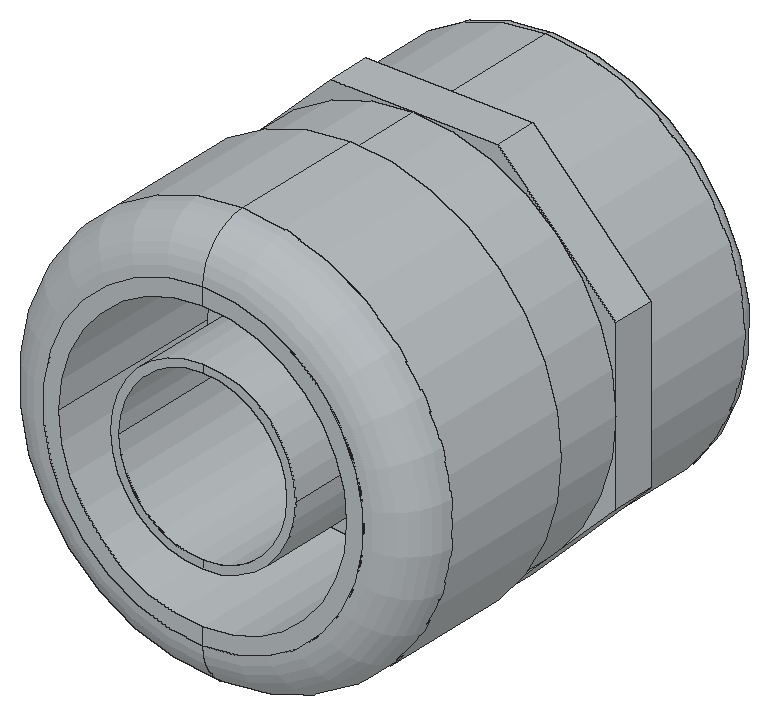
Revit family "ZETA_Резьбовой_Крепежный_Элемент_Металлорукав-ТрубаЭлектропроводки_РКВ-12-100", category Соединительные детали коробов, Revit 2021
Family settings
  Размер круглого соединителя = Использовать диаметр
  Тип детали = Мультипорт
  На основе рабочей плоскости = Нет
  Всегда вертикально = Да
  При загрузке вырезать с полостями = Да
  Общий = Нет
Parameters (values of type "DN12 - G1/2'' ВН")
  Тип соединения = "компрессионное"  # constant formula
  Температура эксплуатации в стационарном состоянии = "от -40 до +100 °С"  # constant formula
  Температура транспортировки, монтажа и эксплуатации = "от -25 до +100 °С"  # constant formula
  Размер наружней резьбы присоединяемой трубы = size_lookup(LT, "Размер наружней резьбы присоединяемой трубы", "", DN)  # "G1/2"
  Отметка по умолчанию = 0 mm
  Описание = "Резьбовой крепежный элемент с внутренней резьбой – РКв, предназначен для присоединения металлорукава РЗЦХ (РЗЦП, МРПИ) или шланга электромонтажного (ШЭМ) к трубе электропроводки путем навинчивания. \r\nТакже РКВ применим для соединения отрезков металлорукава (Р3ЦП, МРП, МРПИ, ШЭМ) путем стыковки с ответным элементом – МВ-М (РКН)."  # constant formula
  Материал уплотнителя = Zeta_Резина маслостойкая
  Материал корпуса = Zeta_Сплав цинка
  Марка = ""
  Код классификации по ГОСТ Р МЭК 61386.1-2014 = "024101542203"  # constant formula
  Климатическое исполнение = "У2"  # constant formula
  Изготовитель = "АО «ЗЭТА»"  # constant formula
  Изготавливается по = "ТУ 27.33.13.130-046-99856433-2020"  # constant formula
  r2 = r1 - 2 mm  # 10.1 mm
  r1 = size_lookup(LT, "r1", 12.4 mm, DN)  # 12.1 mm
  l3 = size_lookup(LT, "l3", 10.9 mm, DN)  # 8.3 mm
  l2 = size_lookup(LT, "l2", 5 mm, DN)  # 2.7 mm
  l1 = size_lookup(LT, "l1", 12.6 mm, DN)  # 11.2 mm
  URL = "https://nzeta.ru/"
  S2 = size_lookup(LT, "S2", 29.5 mm, DN)  # 25.5 mm
  S1 = size_lookup(LT, "S1", 28 mm, DN)  # 24.5 mm
  LT = "РКВ"  # constant formula
  Dмр1 = Dмр - 1 mm  # 10.2 mm
  Dмр = size_lookup(LT, "Dмр", 14.7 mm, DN)  # 11.2 mm
  DN1 = 15 mm
  DN = 12 mm
  Ds = S2 - 2 mm  # 23.5 mm
  D1 = size_lookup(LT, "D1", 22 mm, DN)  # 17.5 mm
  ADSK_Ток = 0 A  # constant formula
  ADSK_Степень защиты_IP = "IP54"  # constant formula
  ADSK_Размер_Ширина = S2  # 25.5 mm
  ADSK_Размер_УголПоворота [instance] = 0.00°
  ADSK_Размер_Длина = size_lookup(LT, "ADSK_Размер_Длина", 33.7 mm, DN)  # 27 mm
  ADSK_Размер_Высота = S2  # 25.5 mm
  ADSK_Пусковой ток = 0 A  # constant formula
  ADSK_Примечание [instance] = ""
  ADSK_Предел огнестойкости экземпляра = ""
  ADSK_Предел огнестойкости = ""
  ADSK_Полная мощность = 0 VA  # constant formula
  ADSK_Позиция на схеме [instance] = ""
  ADSK_Позиция [instance] = ""
  ADSK_Обозначение = "РКВ"  # constant formula
  ADSK_Номинальная мощность = 0 W  # constant formula
  ADSK_Номер стояка [instance] = ""
  ADSK_Напряжение = 0 V  # constant formula
  ADSK_Наименование краткое = size_lookup(LT, "ADSK_Наименование краткое", "", DN)  # "Резьбовой крепежный элемент РКВ-12 (с внутренней резьбой)"
  ADSK_Наименование = size_lookup(LT, "ADSK_Наименование", "", DN)  # "Резьбовой крепежный элемент с внутренней резьбой РКВ-12 У2 IP54 ГОФРОМАТИК"
  ADSK_Материал наименование = "Сплав цинка"  # constant formula
  ADSK_Масса_Текст = size_lookup(LT, "ADSK_Масса_Текст", "5", DN)  # "0.027"
  ADSK_Масса = size_lookup(LT, "ADSK_Масса", 5, DN)  # 0.027
  ADSK_Марка = size_lookup(LT, "ADSK_Марка", "", DN)  # "РКВ 12"
  ADSK_Кратность пускового тока = 0  # constant formula
  ADSK_Количество = 1  # constant formula
  ADSK_Код изделия = size_lookup(LT, "ADSK_Код изделия", "", DN)  # "zeta41309"
  ADSK_Классификация нагрузок = Прочее
  ADSK_КПД = 0  # constant formula
  ADSK_Завод-изготовитель = "АО «ЗЭТА»"  # constant formula
  ADSK_Единица измерения = "шт"  # constant formula
  ADSK_Версия семейства = "v.1"  # constant formula
  ADSK_Версия Revit = "2021"  # constant formula
  ADSK_URL страницы изделия = "https://nzeta.ru/catalog/?q=zeta41309"
  ADSK_URL документации изделия = ""
Types (10, lengths in mm): name | Размер наружней резьбы присоединяемой трубы | r2 | r1 | l3 | l2 | l1 | S2 | S1 | Dмр1 | Dмр | DN1 | DN | Ds | D1 | ADSK_Размер_Ширина | ADSK_Размер_Длина | ADSK_Размер_Высота | ADSK_Наименование краткое | ADSK_Наименование | ADSK_Масса_Текст | ADSK_Масса | ADSK_Марка | ADSK_Код изделия | ADSK_URL страницы изделия
  DN15 - G1/2'' ВН | "G1/2" | 10.4 | 12.4 | 10.9 | 5 | 12.6 | 29.5 | 28 | 13.7 | 14.7 | 15 | 15 | 27.5 | 22 | 29.5 | 33.7 | 29.5 | "Резьбовой крепежный элемент РКВ-15 (с внутренней резьбой)" | "Резьбовой крепежный элемент с внутренней резьбой РКВ-15 У2 IP54 ГОФРОМАТИК" | "0.042" | 0.042 | "РКВ 15" | "zeta41310" | "https://nzeta.ru/catalog/?q=zeta41310"
  DN20 - G3/4'' ВН | "G3/4" | 13 | 15 | 11.3 | 4 | 14.8 | 35.5 | 32.5 | 18.3 | 19.3 | 20 | 20 | 33.5 | 28 | 35.5 | 34.3 | 35.5 | "Резьбовой крепежный элемент РКВ-20 (с внутренней резьбой)" | "Резьбовой крепежный элемент с внутренней резьбой РКВ-20 У2 IP54 ГОФРОМАТИК" | "0.057" | 0.057 | "РКВ 20" | "zeta41311" | "https://nzeta.ru/catalog/?q=zeta41311"
  DN25 - G1'' ВН | "G1" | 16.3 | 18.3 | 11.5 | 6 | 16.6 | 42.5 | 41 | 23.7 | 24.7 | 25 | 25 | 40.5 | 33 | 42.5 | 38.1 | 42.5 | "Резьбовой крепежный элемент РКВ-25 (с внутренней резьбой)" | "Резьбовой крепежный элемент с внутренней резьбой РКВ-25 У2 IP54 ГОФРОМАТИК" | "0.08" | 0.08 | "РКВ 25" | "zeta41312" | "https://nzeta.ru/catalog/?q=zeta41312"
  DN32 - G1 1/4'' ВН | "G1 1/4" | 21.4 | 23.4 | 14.6 | 6 | 18.5 | 51.5 | 49.5 | 29.7 | 30.7 | 32 | 32 | 49.5 | 42 | 51.5 | 44.8 | 51.5 | "Резьбовой крепежный элемент РКВ-32 (с внутренней резьбой)" | "Резьбовой крепежный элемент с внутренней резьбой РКВ-32 У2 IP54 ГОФРОМАТИК" | "0.12" | 0.12 | "РКВ 32" | "zeta41313" | "https://nzeta.ru/catalog/?q=zeta41313"
  DN38 - G1 1/2'' ВН | "G1 1/2" | 24.5 | 26.5 | 15 | 6 | 19.5 | 59 | 56.5 | 36 | 37 | 40 | 38 | 57 | 49 | 59 | 45.1 | 59 | "Резьбовой крепежный элемент РКВ-38 (с внутренней резьбой)" | "Резьбовой крепежный элемент с внутренней резьбой РКВ-38 У2 IP54 ГОФРОМАТИК" | "0.169" | 0.169 | "РКВ 38" | "zeta41314" | "https://nzeta.ru/catalog/?q=zeta41314"
  DN50 - G2'' ВН | "G2" | 30.2 | 32.2 | 17 | 6.5 | 21.4 | 71 | 68.5 | 47 | 48 | 50 | 50 | 69 | 61.8 | 71 | 51.2 | 71 | "Резьбовой крепежный элемент РКВ-50 (с внутренней резьбой)" | "Резьбовой крепежный элемент с внутренней резьбой РКВ-50 У2 IP54 ГОФРОМАТИК" | "0.216" | 0.216 | "РКВ 50" | "zeta41315" | "https://nzeta.ru/catalog/?q=zeta41315"
  DN60 - G2 1/2'' ВН | "G2 1/2" | 37.6 | 39.6 | 20 | 6 | 21 | 93 | 87 | 58 | 59 | 65 | 60 | 91 | 71 | 93 | 56.3 | 93 | "Резьбовой крепежный элемент РКВ-60 (с внутренней резьбой)" | "Резьбовой крепежный элемент с внутренней резьбой РКВ-60 У2 IP54 ГОФРОМАТИК" | "0.431" | 0.431 | "РКВ 60" | "zeta41316" | "https://nzeta.ru/catalog/?q=zeta41316"
  DN75 - G3'' ВН | "G3" | 43.9 | 45.9 | 22 | 7 | 22 | 104 | 101.5 | 72.5 | 73.5 | 80 | 75 | 102 | 86.5 | 104 | 62 | 104 | "Резьбовой крепежный элемент РКВ-75 (с внутренней резьбой)" | "Резьбовой крепежный элемент с внутренней резьбой РКВ-75 У2 IP54 ГОФРОМАТИК" | "0.61" | 0.61 | "РКВ 75" | "zeta41317" | "https://nzeta.ru/catalog/?q=zeta41317"
  DN100 - G4'' ВН | "G4" | 56.6 | 58.6 | 22 | 8 | 26 | 137 | 129.5 | 97.5 | 98.5 | 100 | 100 | 135 | 112.2 | 137 | 69.5 | 137 | "Резьбовой крепежный элемент РКВ-100 (с внутренней резьбой)" | "Резьбовой крепежный элемент с внутренней резьбой РКВ-100 У2 IP54 ГОФРОМАТИК" | "0.932" | 0.932 | "РКВ 100" | "zeta41318" | "https://nzeta.ru/catalog/?q=zeta41318"
  DN12 - G1/2'' ВН | "G1/2" | 10.1 | 12.1 | 8.3 | 2.7 | 11.2 | 25.5 | 24.5 | 10.2 | 11.2 | 15 | 12 | 23.5 | 17.5 | 25.5 | 27 | 25.5 | "Резьбовой крепежный элемент РКВ-12 (с внутренней резьбой)" | "Резьбовой крепежный элемент с внутренней резьбой РКВ-12 У2 IP54 ГОФРОМАТИК" | "0.027" | 0.027 | "РКВ 12" | "zeta41309" | "https://nzeta.ru/catalog/?q=zeta41309"
Reference planes
  plane 1 "По центру (Вперед/Назад)": y = 0
  plane 2: z = 0
  plane 3 "По центру (Влево/Вправо)": x = 0
  plane 4: y = -13.5
  plane 5: y = 13.5
  plane 6: y = -2.3
  plane 7: y = 2.5
  plane 8: x = 12.25
  plane 9: x = -12.25
  plane 10: z = 12.25
  plane 11: z = -12.25
  plane 12: z = 12.75
  plane 13: z = -12.75
  plane 14: x = 12.75
  plane 15: x = -12.75
  plane 16: y = 5.2
Forms (mm)
  Extrusion 1, solid, material "Zeta_Сплав цинка" <- "Материал корпуса", detail levels fine
    sketch origin (0, 0, 0) x (1, 0, 0) y (0, 0, 1)
      loop
        line (-12.25, -5.074) -> (-5.074, -12.25) -> (5.074, -12.25) -> (12.25, -5.074) -> (12.25, 5.074) -> (5.074, 12.25) -> (-5.074, 12.25) -> (-12.25, 5.074) -> (-12.25, -5.074)
    from -5.2 to -2.5
  Revolve 2, solid, material "Zeta_Сплав цинка", detail levels medium+fine
    sketch origin (0, 0, 0) x (0, 1, 0) y (0, 0, 1)
      loop
        line (5.2, 0) -> (13.5, 0) -> (13.5, 11.1)
        arc (13.5, 11.1) -> (13.207, 11.807) -> (12.5, 12.1) r 1
        line (12.5, 12.1) -> (5.2, 12.1) -> (5.2, 0)
      loop
        line (-2.3, 12.25) -> (-2.3, 0) -> (2.5, 0) -> (2.5, 12.25) -> (-2.3, 12.25)
      axis (-2.3, 0) -> (13.5, 0)
    angle from 0 to 360
  Revolve 3, solid, material "Zeta_Сплав цинка" <- "Материал корпуса", detail levels medium+fine
    sketch origin (0, 0, 0) x (0, 1, 0) y (0, 0, 1)
      loop
        arc (-10.5, 12.75) -> (-12.621, 11.871) -> (-13.5, 9.75) r 3
        line (-13.5, 9.75) -> (-13.5, 0) -> (-2.3, 0) -> (-2.3, 12.75) -> (-10.5, 12.75)
      axis (-13.5, 0) -> (-2.3, 0)
    angle from 0 to 360
  Extrusion 4, void
    sketch origin (0, 0, 0) x (1, 0, 0) y (0, 0, 1)
      loop
        circle (0, 0) r 5.1
    from -5.2 to 13.5
  Extrusion 5, void
    sketch origin (0, 0, 0) x (1, 0, 0) y (0, 0, 1)
      loop
        circle (0, 0) r 5.6
      loop
        circle (0, 0) r 8.75
    from -2.5 to 13.5
  Extrusion 6, void
    sketch origin (0, 0, 0) x (1, 0, 0) y (0, 0, 1)
      loop
        circle (0, 0) r 10.1
    from -13.5 to -5.2
  Revolve 7, solid, material "Zeta_Сплав цинка", detail levels medium
    sketch origin (0, 0, 0) x (0, 1, 0) y (0, 0, 1)
      loop
        line (5.2, 0) -> (5.2, 10.65) -> (2.5, 10.65) -> (2.5, 0) -> (5.2, 0)
      axis (2.5, 0) -> (5.2, 0)
    angle from 0 to 360
Cuts and joins
  Extrusion 4, Extrusion 5 cuts Revolve 3
  Extrusion 4 cuts Extrusion 1
  Extrusion 4, Extrusion 6 cuts Revolve 2
Lines and regions (mm)
  model lines, detail levels coarse+medium
    curve 1: line (0, 13.5, 0) -> (0, -13.5, 0)
Dimensions and locks
  equal spacing: plane 4, plane 1 "По центру (Вперед/Назад)", plane 5
  "ADSK_Размер_Длина": plane 4 to plane 5
  "l1": plane 4 to plane 6
  equal spacing: plane 10, level, plane 11
  equal spacing: plane 8, plane 3 "По центру (Влево/Вправо)", plane 9
  "S1": plane 8 to plane 9
  "S1": plane 10 to plane 11
  equal spacing: Extrusion 1 sketch curve, Extrusion 1 sketch curve, Extrusion 1 sketch curve  (x5)
  equal spacing: plane 12, level, plane 13
  equal spacing: plane 14, plane 3 "По центру (Влево/Вправо)", plane 15
  "S2": plane 14 to plane 15
  "r1": Revolve 2 sketch curve to Revolve 2 sketch curve
  "S2": plane 12 to plane 13
  "l2": plane 7 to plane 16
  "l3": plane 16 to plane 5
  "Dмр1": diameter of Extrusion 4 sketch curve
  "Dмр": diameter of Extrusion 5 sketch curve
  "D1": diameter of Extrusion 5 sketch curve
  "r2": radius of Extrusion 6 sketch curve
  locked: Extrusion 1 sketch curve to Extrusion 1 sketch curve (angle 135.00°)  (x7)
  aligned and locked: level to plane 2
  aligned and locked: Extrusion 1 to plane 7
  aligned and locked: Extrusion 1 sketch curve to plane 9
  aligned and locked: plane 8 to Extrusion 1 sketch curve
  aligned and locked: Extrusion 1 sketch curve to plane 11
  aligned and locked: curve 1 to plane 3 "По центру (Влево/Вправо)"
  aligned and locked: plane 5 to curve 1
  aligned and locked: plane 4 to curve 1
  aligned and locked: Revolve 2 sketch curve to plane 5
  aligned and locked: plane 12 to Revolve 3 sketch curve
  aligned and locked: plane 4 to Revolve 3 sketch curve
  aligned and locked: level to Revolve 3 sketch curve
  aligned and locked: Revolve 3 sketch curve to Revolve 3 sketch curve  (x2)
  aligned and locked: plane 16 to Extrusion 1
  aligned and locked: Extrusion 4 to plane 4
  aligned and locked: plane 7 to Extrusion 5
  aligned and locked: Extrusion 5 to plane 4
  aligned and locked: plane 16 to Extrusion 4
  aligned and locked: Revolve 2 sketch curve to plane 10
  aligned and locked: plane 6 to Revolve 2 sketch curve
  aligned and locked: Revolve 2 sketch curve to cut or joined group of Extrusion 1, Extrusion 4  (x2)
  aligned and locked: plane 5 to Extrusion 6
  aligned and locked: Extrusion 6 to plane 16
  aligned and locked: cut or joined group of Revolve 2, Extrusion 4, Extrusion 6 to Revolve 7 sketch curve
  aligned and locked: Revolve 7 sketch curve to cut or joined group of Revolve 2, Extrusion 4, Extrusion 6  (x2)
  aligned and locked: Revolve 7 sketch curve to Revolve 7 sketch curve  (x2)
  aligned and locked: plane 7 to Revolve 7 sketch curve
Automatic sketch dimensions
  Revolve 3 sketch curve to plane 6 = 0 mm  (x2)
  plane 4 to Revolve 3 sketch curve = 3 mm
  Revolve 7 sketch curve to plane 16 = 0 mm
  Revolve 7 sketch curve to plane 10 = 1.6 mm
  Revolve 2 sketch curve to plane 16 = 0 mm
  Revolve 2 sketch curve to level = 0 mm  (x2)
  Revolve 2 sketch curve to plane 5 = 0 mm
  Revolve 2 sketch curve to plane 5 = 1 mm
  Revolve 2 sketch curve to Revolve 2 sketch curve = 3.8 mm
  Extrusion 4 sketch curve to level = 0 mm
  Extrusion 4 sketch curve to plane 3 "По центру (Влево/Вправо)" = 0 mm
  Extrusion 5 sketch curve to Extrusion 5 sketch curve = 0 mm  (x2)
  Extrusion 5 sketch curve to level = 0 mm
  Extrusion 5 sketch curve to plane 3 "По центру (Влево/Вправо)" = 0 mm
  Extrusion 6 sketch curve to level = 0 mm
  Extrusion 6 sketch curve to plane 3 "По центру (Влево/Вправо)" = 0 mm
Connectors
  cabletrayconduit at (0, 5.2, 0), diameter 15, driven by "DN1"
    settings: on cut or joined group of Extrusion 1, Extrusion 4, index 1, connector width 300 mm, connector height 300 mm, connector angle 0.00°, system type 32, placement type 0, profile type 0, connector reference index -1, is primary connector yes, connector utility param no, connector description "Металлическая труба электропроводки"
  cabletrayconduit at (0, -2.3, 0), diameter 12, driven by "DN"
    settings: on Revolve 3, index 2, connector width 300 mm, connector height 300 mm, connector angle 0.00°, system type 32, placement type 0, profile type 0, connector reference index -1, is primary connector no, connector utility param no, connector description "Металлорукав"
